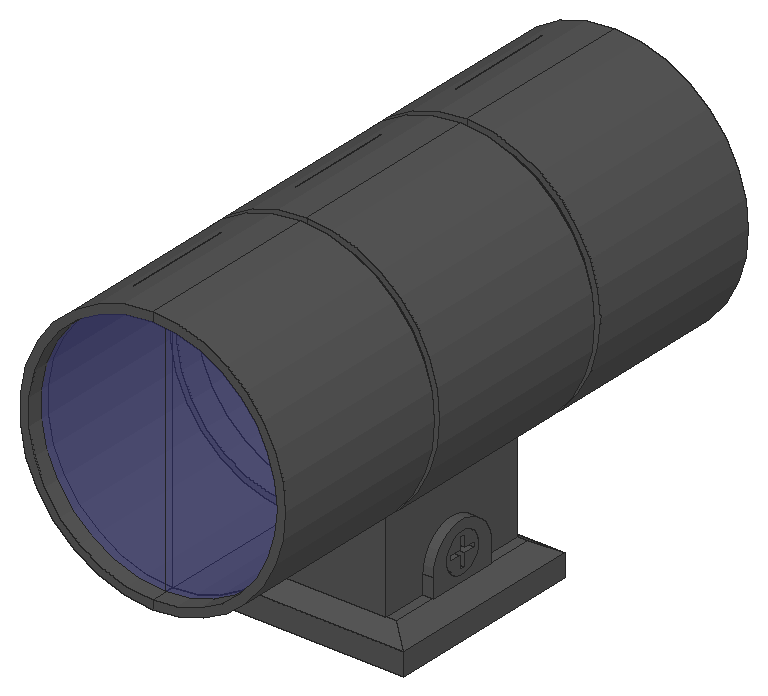
Revit family "CARLO CYLINDER LIGHT WALL MOUNT", category Lighting Fixtures, host Face, Revit 2020 (continued)
Types (10): name | Wattage_Input | Wattage Comments | Wattage | Photometric Web File | built-in parameter 1150142 | Model | built-in parameter 1150105 | Lumens | Light Length 1 | LIGHT RADIUS | LIGHT PLACEMENT | LIGHT LENGTH | LIGHT DIA | built-in parameter 1150106 | FIXED END HEIGHT | Curve base Height | Base Curve | BEAMING ANGLE | Apparent Load
    .66589 0.69452 0.72604 0.76577 0.80608 0.83868 0.87115 0.9087 \r\n 0.95023 0.99689 1.0471 1.099 1.1549 1.2153 1.2841 1.3668 1.4587 1.5555 \r\n 1.6613 1.7789 1.9084 2.0498 2.2066 2.3816 2.5767 2.7954 3.036 3.2868 \r\n 3.5806 3.9606 4.384 4.8217 5.2762 5.7335 6.2143 6.7466 7.2937 7.8172 \r\n 8.3494 8.9241 9.4982 10.026 10.549 11.104 11.661 12.191 12.734 13.33 \r\n 13.947 14.545 15.187 15.892 16.75 17.804 19.211 21.138 23.585 26.046 \r\n 30.206 37.369 48.176 64.453 83.956 105.4 127.73 149.39 170.6 191.81 \r\n 210.89 224.7 236.72 250.93 262.73 267.37 269.37 271.92 274.31 277.02 \r\n 279.67 281.97 284.2 286.61 289.03 291.34 293.55 295.67 297.61 299.2 \r\n 300.67 302.18 303.8 305.68 307.65 309.55 311.51 313.57 315.82 318.39 \r\n 321.25 324.42 327.86 331.53 335.48 339.68 344.44 350.1 356.57 363.57 \r\n 372.02 382.52 395.69 412.02 432.59 458.65 490.21 527.2 571.04 622.88 \r\n 683.45 753.33 834.14 928.31 1034 1147.7 1276.7 1428.9 1598.5 1785.1 \r\n 1980.6 2177 2373 2563.7 2751.8 2942.6 3123 3281.3 3417.4 3527.1 \r\n 3610.8 3664 3697.3 3718.5 3730 3736.2 3738.8 3742.1 3742 3735.6 \r\n 3733.6 \r\n3725 3751.7 3764.1 3772.3 3776.5 3777.1 3773.3 3764.6 3749.7 3725.7 \r\n 3696.1 3668.4 3626.9 3558.1 3462.5 3333.1 3178.3 3000.9 2810 2615.7 \r\n 2418.1 2220.2 2023.5 1828.3 1639.9 1459.1 1300.1 1186.8 1090.7 988.7 \r\n 887.94 782.98 688.42 621.19 568.73 524.03 487.37 456.89 432.06 411.94 \r\n 395.84 382.94 372.75 364.68 358.12 352.23 347.11 342.69 338.72 334.84 \r\n 331.25 328.09 325.18 322.36 319.73 317.37 315.08 312.65 310.29 308.21 \r\n 306.3 304.5 302.77 301.01 299.3 297.8 296.15 294.06 291.52 288.42 \r\n 284.79 280.64 275.97 270.55 265.07 260.74 255.68 248.35 238.88 226.97 \r\n 212.38 193.74 174.21 157.24 140.57 122.88 104.85 86.081 68.525 53.902 \r\n 42.466 35.841 31.637 27.887 24.948 22.534 20.61 19.067 17.837 16.845 \r\n 16.003 15.189 14.431 13.717 13.046 12.417 11.811 11.204 10.609 10.036 \r\n 9.4667 8.8755 8.295 7.7593 7.2385 6.7034 6.1862 5.7168 5.2716 4.8286 \r\n 4.4125 4.0447 3.7135 3.4178 3.1475 2.8861 2.6525 2.4688 2.3086 2.149 \r\n 2.0018 1.8724 1.7574 1.6565 1.566 1.4814 1.4041 1.335 1.2705 1.2067 \r\n 1.1456 1.0868 1.0326 0.98679 0.9446 0.90159 0.86093 0.82608 0.79176 0.75481 \r\n 0.71937 0.6898 0.66226 0.63428 0.60598 0.57617 0.54623 0.5171 0.48894 0.4626 \r\n 0.43688 0.41097 0.38452 0.35601 0.32806 0.30388 0.28015 0.25352 0.22731 0.20525 \r\n 0.18284 0.15431 0.12726 0.10996 0.094603 0.074579 0.054601 0.037335 0.022304 0.0092355 \r\n 0.00018178 0 0.000005 0 0.00025814 0.006228 0.017134 0.035794 0.056882 0.074866 \r\n 0.093189 0.11413 0.13564 0.15575 0.17648 0.1998 0.22397 0.24757 0.27167 0.29694 \r\n 0.32322 0.35103 0.37903 0.40556 0.43211 0.46016 0.4881 0.51369 0.54029 0.57216 \r\n 0.60432 0.63179 0.65887 0.68783 0.71982 0.75894 0.79858 0.83167 0.86432 0.90002 \r\n 0.93954 0.98593 1.0358 1.0856 1.1391 1.1985 1.266 1.3457 1.434 1.5275 \r\n 1.6302 1.7449 1.8716 2.0103 2.1632 2.3307 2.5181 2.7321 2.9682 3.2127 \r\n 3.4985 3.8656 4.278 4.7149 5.1707 5.6238 6.1013 6.6369 7.1888 7.7151 \r\n 8.2491 8.8219 9.3978 9.9416 10.483 11.047 11.613 12.158 12.714 13.32 \r\n 13.944 14.552 15.197 15.897 16.735 17.761 19.097 20.887 23.11 25.349 \r\n 28.937 34.611 43.751 58.78 77.297 98.139 120 140.84 161.73 184.18 \r\n 204.83 219.54 232.27 247.11 259.5 264.78 267.25 269.76 271.98 274.68 \r\n 277.32 279.47 281.51 283.73 285.95 288.11 290.19 292.21 294.07 295.63 \r\n 297.11 298.7 300.41 302.36 304.45 306.58 308.79 311.03 313.44 316.21 \r\n 319.24 322.5 325.98 329.67 333.61 337.74 342.35 347.74 353.84 360.36 \r\n 368.17 377.81 389.88 404.81 423.63 447.43 476.36 510.41 551.19 600.23 \r\n 657.81 723.84 801 893.28 996.56 1105.7 1227.7 1368.3 1526.7 1707.8 \r\n 1900.5 2096.6 2293.4 2483.9 2673 2868.7 3055.5 3220.6 3364.4 3483.7 \r\n 3577.4 3640.5 3681.9 3707.4 3721.1 3728.6 3731.9 3736.2 3737.5 3732.8 \r\n 3733.6 \r\n3725 3750.3 3762.9 3771.3 3775.6 3775.9 3771.8 3763.3 3748.9 3725.6 \r\n 3697.4 3672.9 3635.4 3571 3479.8 3355.3 3204.1 3026.5 2835 2642.8 \r\n 2448.2 2253.9 2059.4 1862.2 1670.6 1488.4 1326.2 1203.7 1098.5 992.94 \r\n 891.54 788.82 696.85 629.45 575.96 530.3 492.56 460.95 435.05 414.07 \r\n 397.28 383.9 373.39 365.19 358.59 352.63 347.48 343.05 339.1 335.29 \r\n 331.76 328.57 325.64 322.85 320.26 317.95 315.71 313.27 310.87 308.67 \r\n 306.6 304.65 302.73 300.73 298.77 297.08 295.31 293.2 290.75 287.86 \r\n 284.55 280.82 276.68 271.99 267.24 263.67 259 250.92 240.68 228.94 \r\n 215.17 198.49 180.58 163.02 145.23 127.17 108.78 89.188 70.716 55.302 \r\n 43.199 36.109 31.619 27.803 24.898 22.499 20.595 19.059 17.827 16.817 \r\n 15.961 15.162 14.425 13.717 13.05 12.435 11.843 11.24 10.647 10.085 \r\n 9.526 8.9397 8.3624 7.8307 7.3136 6.7824 6.2673 5.7964 5.3475 4.9001 \r\n 4.4776 4.0991 3.7567 3.4518 3.1762 2.9189 2.6897 2.5006 2.3336 2.1722 \r\n 2.0239 1.8912 1.7726 1.6685 1.5753 1.4894 1.4111 1.3406 1.2748 1.2105 \r\n 1.1489 1.0895 1.0348 0.98895 0.94705 0.9049 0.86482 0.82893 0.79364 0.75656 \r\n 0.72093 0.69016 0.66144 0.63321 0.60505 0.57582 0.54615 0.51576 0.48623 0.45984 \r\n 0.4343 0.40804 0.38116 0.35236 0.32423 0.30014 0.2764 0.24913 0.22219 0.1996 \r\n 0.17696 0.1489 0.12231 0.10464 0.088802 0.068697 0.048807 0.031459 0.017003 0.0065916 \r\n 0.0001386 0 0.000017 0 0.0011137 0.0086181 0.020849 0.039176 0.059752 0.078604 \r\n 0.097463 0.11663 0.13642 0.15725 0.17903 0.202 0.22549 0.24864 0.2723 0.29707 \r\n 0.32286 0.3501 0.37793 0.40549 0.43315 0.46127 0.48902 0.51461 0.54123 0.57333 \r\n 0.60535 0.63122 0.65695 0.68693 0.71993 0.75755 0.79571 0.83052 0.86518 0.90074 \r\n 0.93975 0.98655 1.0369 1.0864 1.1394 1.1981 1.264 1.34 1.4238 1.5127 \r\n 1.6111 1.7231 1.8472 1.9825 2.1304 2.2888 2.4664 2.6729 2.9037 3.1495 \r\n 3.4337 3.7841 4.1782 4.6069 5.0583 5.5088 5.9843 6.5147 7.0638 7.5977 \r\n 8.1385 8.7025 9.2739 9.8394 10.407 10.984 11.561 12.127 12.704 13.315 \r\n 13.942 14.558 15.21 15.916 16.741 17.724 18.973 20.609 22.634 24.753 \r\n 27.971 32.627 40.426 53.855 70.91 91.022 112.37 132.4 152.75 175.39 \r\n 196.68 212.41 226.28 242.11 255.37 261.46 264.44 266.77 268.59 271.12 \r\n 273.58 275.49 277.23 279.09 280.97 282.88 284.8 286.7 288.55 290.25 \r\n 291.98 293.85 295.86 298.03 300.38 302.99 305.7 308.3 311.04 314.17 \r\n 317.52 320.95 324.53 328.28 332.22 336.34 340.83 345.86 351.48 357.6 \r\n 364.87 373.72 384.75 398.4 415.61 437.4 464.01 495.45 533.42 579.61 \r\n 634.1 696.08 770.01 862.88 966.37 1072.2 1187.4 1313.9 1458.1 1631.5 \r\n 1820.1 2014.6 2211.8 2403.3 2594.5 2792.8 2983.7 3155.3 3307.1 3435 \r\n 3538 3611.9 3663.2 3695 3712.9 3722.6 3727 3732 3734 3731 \r\n 3733.6 \r\n3725 3748.8 3761.5 3770 3774.3 3774 3769.3 3760.8 3746.8 3724.8 \r\n 3698.5 3676.7 3642.3 3581 3493.3 3373.2 3225.4 3047.2 2854.8 2664.8 \r\n 2473.3 2282.7 2090.4 1891.4 1696.7 1513.7 1349 1216.7 1101.6 992.56 \r\n 891.03 791.89 703.88 636.74 582.33 535.81 497.06 464.44 437.6 415.85 \r\n 398.46 384.66 373.89 365.58 358.95 352.95 347.78 343.37 339.45 335.71 \r\n 332.25 329.06 326.1 323.35 320.81 318.56 316.35 313.92 311.47 309.13 \r\n 306.87 304.72 302.58 300.29 298.04 296.11 294.18 292.03 289.66 287.01 \r\n 284.08 280.86 277.37 273.55 269.7 267.03 262.8 253.85 242.7 231.1 \r\n 218.21 203.79 187.73 169.39 150.16 131.56 112.66 92.182 72.747 56.459 \r\n 43.627 36.09 31.355 27.499 24.651 22.302 20.45 18.942 17.725 16.71 \r\n 15.85 15.077 14.37 13.674 13.017 12.421 11.846 11.25 10.663 10.113 \r\n 9.5664 8.9865 8.4139 7.8876 7.3755 6.8489 6.3369 5.8661 5.4151 4.9634 \r\n 4.5342 4.145 3.7917 3.4785 3.1986 2.9467 2.7229 2.5288 2.3551 2.1924 \r\n 2.0435 1.9079 1.7858 1.6782 1.5821 1.4951 1.4162 1.3441 1.2769 1.2121 \r\n 1.1503 1.0903 1.0353 0.98936 0.94773 0.9064 0.86688 0.82995 0.79377 0.75674 \r\n 0.72106 0.68885 0.65868 0.63024 0.60237 0.57381 0.54446 0.51271 0.48171 0.45523 \r\n 0.42984 0.4031 0.37573 0.34684 0.31872 0.29467 0.27083 0.2431 0.21559 0.19242 \r\n 0.16946 0.14191 0.11582 0.097754 0.081396 0.061165 0.041416 0.024299 0.010836 0.0035566 \r\n 0.000088 0 0.000028 0 0.0022301 0.011592 0.025347 0.042978 0.062689 0.082703 \r\n 0.10245 0.11975 0.13765 0.1593 0.18223 0.2049 0.22773 0.2504 0.27359 0.29789 \r\n 0.32322 0.3498 0.37735 0.40593 0.43471 0.46294 0.49052 0.51608 0.54269 0.57501 \r\n 0.6069 0.63124 0.65568 0.68677 0.72077 0.75659 0.79297 0.8296 0.86656 0.90247 \r\n 0.9414 0.98851 1.0391 1.0891 1.142 1.2 1.2641 1.3364 1.4156 1.4994 \r\n 1.5932 1.7023 1.8235 1.9551 2.0975 2.2465 2.4143 2.6127 2.8379 3.0863 \r\n 3.3699 3.7024 4.0761 4.4936 4.9382 5.3866 5.8603 6.3822 6.925 7.4666 \r\n 8.0147 8.5679 9.1325 9.7192 10.313 10.901 11.489 12.077 12.672 13.287 \r\n 13.915 14.538 15.197 15.91 16.725 17.661 18.821 20.302 22.139 24.164 \r\n 27.077 30.896 37.491 49.214 64.644 83.932 104.71 123.98 143.77 166.31 \r\n 187.97 204.79 219.95 236.72 250.82 257.8 261.42 263.75 265.33 267.67 \r\n 269.91 271.56 273.02 274.49 276 277.66 279.4 281.18 283.03 284.91 \r\n 286.91 289.09 291.42 293.83 296.46 299.56 302.78 305.75 308.82 312.32 \r\n 315.97 319.58 323.26 327.04 330.97 335.09 339.46 344.1 349.25 354.98 \r\n 361.76 369.87 379.94 392.38 408.09 428.01 452.45 481.46 516.82 560.32 \r\n 611.9 669.97 740.81 834.28 938.09 1041.1 1149.7 1262.5 1392.4 1557.8 \r\n 1741.5 1934 2131.1 2324 2517.4 2717.2 2910.8 3088.3 3247.6 3383.7 \r\n 3496.1 3581.1 3642.8 3681.6 3704.5 3717 3722.8 3728.4 3731 3729.6 \r\n 3733.6 \r\n3725 3747.2 3759.9 3768.3 3772.4 3771.3 3766 3757.1 3743.5 3723.2 \r\n 3699.2 3679.6 3647.4 3587.8 3502.1 3385.6 3240.7 3061.8 2868.4 2680.3 \r\n 2491.6 2304 2113.8 1913 1715.6 1532.5 1365.9 1224.7 1100.5 988.22 \r\n 886.85 792.06 708.76 642.22 587.09 539.93 500.36 466.98 439.42 417.1 \r\n 399.27 385.17 374.22 365.84 359.2 353.19 348.02 343.63 339.74 336.1 \r\n 332.71 329.51 326.53 323.82 321.34 319.14 316.97 314.54 312.03 309.54 \r\n 307.08 304.73 302.36 299.75 297.2 295.01 292.9 290.69 288.4 285.97 \r\n 283.42 280.73 277.92 274.99 272.06 270.28 266.51 256.73 244.68 233.14 \r\n 221.02 208.78 194.51 175.28 154.53 135.31 115.88 94.566 74.258 57.165 \r\n 43.679 35.795 30.903 27.039 24.266 21.989 20.211 18.749 17.56 16.552 \r\n 15.698 14.957 14.284 13.605 12.962 12.387 11.831 11.243 10.663 10.125 \r\n 9.592 9.0191 8.4517 7.9311 7.4242 6.9022 6.3936 5.9243 5.4725 5.017 \r\n 4.5814 4.1827 3.82 3.4996 3.2164 2.97 2.7518 2.553 2.3733 2.2099 \r\n 2.0609 1.9228 1.7975 1.6865 1.5875 1.4996 1.4203 1.3468 1.2783 1.213 \r\n 1.151 1.0907 1.0354 0.98937 0.94783 0.90704 0.86783 0.82999 0.79303 0.75623 \r\n 0.72062 0.68692 0.65526 0.62664 0.59908 0.57118 0.54212 0.50905 0.47661 0.45 \r\n 0.42468 0.39741 0.36954 0.34075 0.31284 0.28878 0.26482 0.23683 0.20895 0.18519 \r\n 0.16183 0.13477 0.10918 0.090732 0.073866 0.053495 0.033904 0.017167 0.0048275 0.00061859 \r\n 0.000039 0 0.000038 0.000074 0.0033781 0.014485 0.029561 0.046123 0.06466 0.085871 \r\n 0.10664 0.12213 0.13818 0.16059 0.18465 0.20707 0.2293 0.25151 0.27424 0.29813 \r\n 0.32304 0.34896 0.37617 0.40555 0.43527 0.46364 0.49113 0.51669 0.54328 0.57573 \r\n 0.60745 0.63043 0.65375 0.68583 0.72065 0.75451 0.78895 0.82716 0.86627 0.9028 \r\n 0.94186 0.98891 1.0395 1.0899 1.1431 1.2004 1.2626 1.3313 1.406 1.4847 \r\n 1.5734 1.6794 1.7974 1.9246 2.0612 2.2014 2.3597 2.5496 2.7689 3.0197 \r\n 3.3026 3.6167 3.969 4.3731 4.8088 5.2554 5.7275 6.2381 6.7716 7.3194 \r\n 7.8739 8.4152 8.9713 9.576 10.193 10.79 11.386 11.992 12.603 13.219 \r\n 13.845 14.473 15.136 15.853 16.654 17.54 18.61 19.94 21.601 23.545 \r\n 26.202 29.355 34.9 44.9 58.634 77.032 97.205 115.82 135.13 157.4 \r\n 179.23 197.2 213.69 231.25 246.04 253.96 258.37 260.99 262.59 264.78 \r\n 266.77 268.18 269.35 270.46 271.63 273.04 274.61 276.29 278.14 280.2 \r\n 282.45 284.92 287.54 290.15 293.04 296.58 300.27 303.57 306.93 310.74 \r\n 314.65 318.4 322.14 325.93 329.83 333.92 338.16 342.42 347.1 352.48 \r\n 358.82 366.27 375.46 386.79 401.13 419.33 441.79 468.6 501.55 542.57 \r\n 591.4 645.85 713.72 807.27 910.9 1011.1 1113.8 1214.1 1331 1488.3 \r\n 1666.7 1856.7 2053.5 2247.8 2443.2 2643.4 2838.5 3020.8 3187.1 3331.4 \r\n 3453.1 3549 3621 3667.5 3695.9 3711.6 3719 3725.2 3728.3 3728.5 \r\n 3733.6 \r\n3725 3745.9 3758.2 3766.4 3769.9 3768.1 3761.8 3752.4 3739 3720.9 \r\n 3699.5 3681.3 3650.1 3590.8 3505.6 3391.4 3248.6 3069 2874.7 2687.8 \r\n 2500.9 2315.5 2126.7 1924.4 1725.1 1542.2 1374.6 1226.6 1095.4 980.56 \r\n 879.48 789.21 710.77 645.06 589.5 542 501.95 468.18 440.27 417.66 \r\n 399.6 385.38 374.37 365.97 359.35 353.35 348.2 343.83 339.99 336.42 \r\n 333.11 329.91 326.93 324.25 321.81 319.65 317.5 315.06 312.51 309.88 \r\n 307.23 304.68 302.08 299.18 296.34 293.91 291.62 289.33 287.07 284.83 \r\n 282.61 280.38 278.19 276.06 273.94 272.93 269.55 259.11 246.33 234.73 \r\n 223.12 212.61 199.73 179.63 157.48 137.69 117.81 95.842 74.884 57.212 \r\n 43.285 35.236 30.322 26.492 23.797 21.609 19.917 18.511 17.361 16.371 \r\n 15.532 14.825 14.186 13.526 12.898 12.344 11.807 11.227 10.654 10.129 \r\n 9.607 9.0408 8.4782 7.9627 7.4602 6.9416 6.4356 5.9691 5.5181 5.0592 \r\n 4.618 4.2122 3.8426 3.517 3.2314 2.9894 2.7755 2.573 2.3886 2.2251 \r\n 2.0765 1.9365 1.8085 1.6944 1.5927 1.5042 1.4246 1.3501 1.2806 1.2147 \r\n 1.1525 1.092 1.0366 0.9913 0.94852 0.90772 0.86842 0.82987 0.79234 0.75588 \r\n 0.72044 0.68546 0.65244 0.62366 0.59634 0.56897 0.54011 0.50588 0.47216 0.44535 \r\n 0.42002 0.39222 0.36392 0.33542 0.30792 0.28382 0.25973 0.23173 0.20373 0.1794 \r\n 0.15559 0.12895 0.1038 0.085008 0.067696 0.0472 0.027749 0.011378 0 0 \r\n 0 0 0.000045 0.0004333 0.004328 0.016632 0.032426 0.04754 0.064628 0.086814 \r\n 0.10851 0.1224 0.13681 0.15985 0.18485 0.20707 0.22881 0.25061 0.27293 0.29649 \r\n 0.32106 0.3464 0.37324 0.40303 0.4333 0.46182 0.48936 0.51499 0.54159 0.57402 \r\n 0.60547 0.62739 0.64984 0.68264 0.71792 0.74978 0.78223 0.82142 0.86212 0.89927 \r\n 0.93847 0.98485 1.0347 1.0856 1.139 1.1953 1.2555 1.3212 1.3919 1.4654 \r\n 1.5489 1.6514 1.7657 1.8881 2.0185 2.1506 2.3004 2.482 2.6949 2.9466 \r\n 3.2273 3.5232 3.8544 4.2437 4.6689 5.1136 5.5837 6.081 6.6026 7.1538 \r\n 7.7122 8.2414 8.7881 9.4051 10.038 10.64 11.24 11.858 12.479 13.093 \r\n 13.714 14.342 15.002 15.719 16.5 17.332 18.313 19.5 20.999 22.857 \r\n 25.294 27.943 32.606 40.951 53.011 70.485 90.048 108.19 127.17 149.08 \r\n 170.97 190.09 207.91 225.97 241.21 250.1 255.5 258.8 260.79 262.89 \r\n 264.6 265.8 266.74 267.55 268.43 269.64 271.07 272.66 274.49 276.69 \r\n 279.14 281.82 284.66 287.42 290.49 294.37 298.41 301.94 305.49 309.5 \r\n 313.57 317.39 321.16 324.91 328.73 332.76 336.86 340.76 345.02 350.09 \r\n 356.04 362.9 371.31 381.67 394.79 411.46 432.16 457 487.8 526.52 \r\n 572.81 624.06 689.04 781.59 883.97 981.35 1078.9 1169.1 1275.2 1424.8 \r\n 1597.7 1784.8 1980.7 2176.4 2373.6 2573.1 2768.3 2954.5 3126.7 3279.1 \r\n 3410.2 3516.5 3598.4 3652.8 3687.1 3706.2 3715.5 3722.4 3725.8 3727.5 \r\n 3733.6 \r\n3725 3745.9 3757.2 3764.4 3766.9 3764.1 3757 3745.8 3731.8 3716.9 \r\n 3698.8 3680.6 3647.9 3585.8 3497.7 3381.9 3238.3 3059.5 2865.7 2676.4 \r\n 2486.4 2298.6 2108 1905.9 1707.3 1523.8 1356.8 1213.8 1087.4 972.06 \r\n 869.79 781.16 704.68 639.6 584.39 537.54 498.24 465.43 438.47 416.59 \r\n 399.12 385.35 374.66 366.39 359.79 353.84 348.73 344.37 340.54 336.97 \r\n 333.66 330.45 327.46 324.77 322.29 320.08 317.88 315.41 312.8 310.05 \r\n 307.27 304.65 301.97 298.93 295.94 293.44 291.08 288.64 286.22 283.86 \r\n 281.57 279.34 277.16 274.98 272.83 271.86 268.66 258.88 246.5 234.17 \r\n 221.41 209.75 195.87 175.36 153.15 133.56 114.03 92.396 71.858 54.799 \r\n 41.54 34.154 29.766 26.099 23.437 21.326 19.699 18.343 17.236 16.285 \r\n 15.479 14.795 14.172 13.523 12.904 12.363 11.836 11.257 10.682 10.161 \r\n 9.643 9.0772 8.5134 7.9957 7.49 6.9658 6.4559 5.9936 5.5476 5.0864 \r\n 4.6429 4.2412 3.8758 3.5503 3.2623 3.0147 2.7956 2.5928 2.4096 2.247 \r\n 2.0989 1.9583 1.8291 1.713 1.6095 1.5205 1.4411 1.3675 1.2986 1.231 \r\n 1.167 1.1074 1.0529 1.005 0.96096 0.91819 0.87717 0.83749 0.79939 0.76331 \r\n 0.72825 0.69348 0.66043 0.63106 0.60308 0.57546 0.54638 0.51165 0.47739 0.45011 \r\n 0.42441 0.39626 0.36796 0.3403 0.31372 0.28981 0.26585 0.23857 0.21114 0.18646 \r\n 0.16214 0.13544 0.11035 0.091515 0.074159 0.053817 0.034183 0.016653 0.003665 0 \r\n 0.000030 0 0.000038 0.00042565 0.0036557 0.013579 0.026432 0.038713 0.053491 0.074842 \r\n 0.096244 0.10966 0.1237 0.14655 0.17143 0.19356 0.21521 0.2369 0.25912 0.28263 \r\n 0.30717 0.33266 0.35927 0.38749 0.41631 0.44505 0.47332 0.49964 0.52664 
